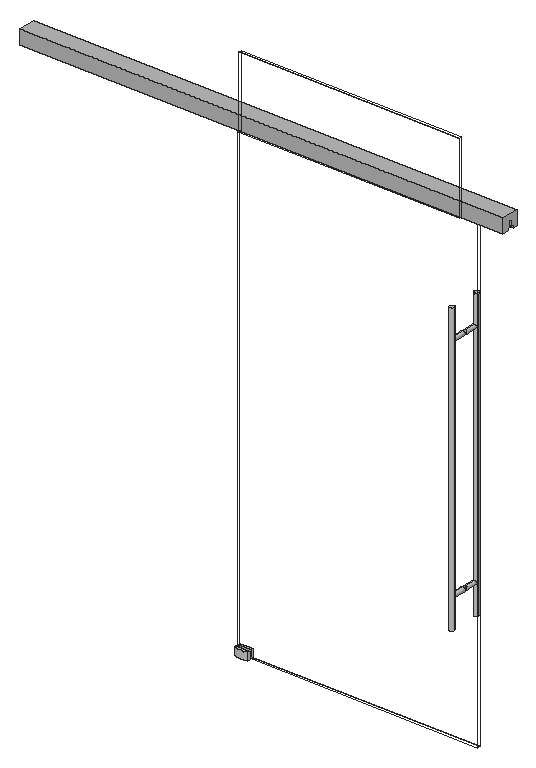
Revit family "Doors_Sliding_Avanti_Systems_Polaris-Auto-Magnetic-Slider_Single-Glass-Mount-Sgl-Glazed", category Doors, Revit 2015 (continued)
Definition of nested family "Rail-Detail"
  Lines and regions (in)
    model lines, in view "Ref. Level"
      curve 16: arc (0.81158, -0.98889, 0) -> (0.81516, -0.9847, 0) -> (0.81644, -0.97934, 0) r 0.01182
      curve 17: arc (0.80088, -0.9941, 0) -> (0.80493, -0.99338, 0) -> (0.80848, -0.99132, 0) r 0.0118
      curve 18: arc (0.74558, -0.98229, 0) -> (0.74903, -0.99064, 0) -> (0.75739, -0.9941, 0) r 0.01181
      curve 19: arc (0.75739, -0.88583, 0) -> (0.74903, -0.88929, 0) -> (0.74558, -0.89764, 0) r 0.01181
      curve 20: arc (1.00148, -0.89764, 0) -> (0.99802, -0.88929, 0) -> (0.98967, -0.88583, 0) r 0.01181
      curve 21: arc (1.00148, -1.09055, 0) -> (1.00494, -1.0989, 0) -> (1.01329, -1.10236, 0) r 0.01181
      curve 22: arc (1.26526, -1.10236, 0) -> (1.27361, -1.0989, 0) -> (1.27707, -1.09055, 0) r 0.01181
      curve 23: arc (1.27707, 0.68898, 0) -> (1.26554, 0.71682, 0) -> (1.2377, 0.72835, 0) r 0.03937
      curve 24: arc (1.21802, 0.74016, 0) -> (1.22148, 0.73181, 0) -> (1.22983, 0.72835, 0) r 0.01181
      curve 25: arc (1.21802, 1.01968, 0) -> (1.21571, 1.02525, 0) -> (1.21014, 1.02756, 0) r 0.00788
      curve 26: arc (0.844, 1.09843, 0) -> (0.80857, 1.06299, 0) -> (0.844, 1.02756, 0) r 0.03543
      curve 27: arc (1.07629, 1.09843, 0) -> (1.08185, 1.10073, 0) -> (1.08416, 1.1063, 0) r 0.00787
      curve 28: arc (1.09204, 1.16142, 0) -> (1.08647, 1.15911, 0) -> (1.08416, 1.15354, 0) r 0.00788
      curve 29: arc (-1.25049, 0.88583, 0) -> (-1.25884, 0.88237, 0) -> (-1.2623, 0.87402, 0) r 0.01181
      curve 30: arc (-1.2623, -0.87402, 0) -> (-1.25884, -0.88237, 0) -> (-1.25049, -0.88583, 0) r 0.01181
      curve 31: arc (-0.46309, -0.9941, 0) -> (-0.45474, -0.99064, 0) -> (-0.45128, -0.98229, 0) r 0.01181
      curve 32: arc (-0.51419, -0.99132, 0) -> (-0.51689, -0.98918, 0) -> (-0.51971, -0.98722, 0) r 0.05492
      curve 33: arc (0.82235, 0.88583, 0) -> (0.814, 0.88237, 0) -> (0.81054, 0.87402, 0) r 0.01181
      curve 34: arc (-0.1875, 1.02362, 0) -> (-0.19585, 1.02017, 0) -> (-0.19931, 1.01181, 0) r 0.01181
      curve 35: arc (-0.21112, 0.95669, 0) -> (-0.20277, 0.96015, 0) -> (-0.19931, 0.9685, 0) r 0.01181
      curve 36: arc (-0.49065, 0.95669, 0) -> (-0.499, 0.95323, 0) -> (-0.50246, 0.94488, 0) r 0.01181
      curve 37: arc (-0.50246, 0.85827, 0) -> (-0.499, 0.84992, 0) -> (-0.49065, 0.84646, 0) r 0.01181
      curve 38: arc (-0.39616, 0.83465, 0) -> (-0.39962, 0.843, 0) -> (-0.40797, 0.84646, 0) r 0.01181
      curve 39: arc (-0.40797, 0.72835, 0) -> (-0.39962, 0.73181, 0) -> (-0.39616, 0.74016, 0) r 0.01181
      curve 40: arc (-0.50593, 0.73181, 0) -> (-0.50209, 0.72925, 0) -> (-0.49756, 0.72835, 0) r 0.01184
      curve 41: arc (-0.60088, 0.83166, 0) -> (-0.59998, 0.82715, 0) -> (-0.59743, 0.82332, 0) r 0.0118
      curve 42: arc (-0.60088, 0.87402, 0) -> (-0.60434, 0.88237, 0) -> (-0.61269, 0.88583, 0) r 0.01181
      curve 43: arc (1.13337, 0.87402, 0) -> (1.12991, 0.88237, 0) -> (1.12156, 0.88583, 0) r 0.01181
      curve 44: arc (0.81054, 0.8189, 0) -> (0.814, 0.81054, 0) -> (0.82235, 0.80709, 0) r 0.01181
      curve 45: arc (0.86369, 0.79528, 0) -> (0.86023, 0.80363, 0) -> (0.85188, 0.80709, 0) r 0.01181
      curve 46: arc (0.85188, 0.72835, 0) -> (0.86023, 0.73181, 0) -> (0.86369, 0.74016, 0) r 0.01181
      curve 47: arc (0.59991, 0.84646, 0) -> (0.59155, 0.843, 0) -> (0.58809, 0.83465, 0) r 0.01181
      curve 48: arc (0.68258, 0.84646, 0) -> (0.69094, 0.84992, 0) -> (0.69439, 0.85827, 0) r 0.01181
      curve 49: arc (-0.45128, -0.89764, 0) -> (-0.45474, -0.88929, 0) -> (-0.46309, -0.88583, 0) r 0.01181
      curve 50: arc (-0.51419, -0.99132, 0) -> (-0.51063, -0.99338, 0) -> (-0.50658, -0.9941, 0) r 0.0118
      curve 51: arc (-0.57969, -0.98722, 0) -> (-0.60482, -1.03347, 0) -> (-0.57969, -1.07971, 0) r 0.05512
      curve 52: arc (-0.51971, -1.07971, 0) -> (-0.51688, -1.07775, 0) -> (-0.51418, -1.07562, 0) r 0.05538
      curve 53: arc (-0.50657, -1.07284, 0) -> (-0.51062, -1.07355, 0) -> (-0.51418, -1.07562, 0) r 0.01182
      curve 54: arc (-0.45128, -1.08465, 0) -> (-0.45474, -1.0763, 0) -> (-0.46309, -1.07284, 0) r 0.01181
      curve 55: arc (-0.46309, -1.18111, 0) -> (-0.45474, -1.17765, 0) -> (-0.45128, -1.16929, 0) r 0.01181
      curve 56: arc (-1.41978, -1.10236, 0) -> (-1.39672, -1.15804, 0) -> (-1.34104, -1.18111, 0) r 0.07874
      curve 57: arc (-1.34104, 1.1811, 0) -> (-1.39672, 1.15804, 0) -> (-1.41978, 1.10236, 0) r 0.07874
      curve 58: arc (0.5881, 0.74016, 0) -> (0.59155, 0.73181, 0) -> (0.59991, 0.72835, 0) r 0.01181
      curve 59: arc (0.78638, 1.17372, 0) -> (0.78203, 1.17909, 0) -> (0.77543, 1.1811, 0) r 0.01181
      curve 60: arc (0.78638, 1.17372, 0) -> (0.80463, 1.16142, 0) -> (0.82288, 1.17372, 0) r 0.01969
      curve 61: arc (0.83383, 1.1811, 0) -> (0.82723, 1.17909, 0) -> (0.82288, 1.17372, 0) r 0.01181
      curve 62: arc (0.69439, 0.94488, 0) -> (0.69094, 0.95323, 0) -> (0.68258, 0.95669, 0) r 0.01181
      curve 63: arc (0.39124, 0.9685, 0) -> (0.3947, 0.96015, 0) -> (0.40305, 0.95669, 0) r 0.01181
      curve 64: arc (0.39124, 1.01181, 0) -> (0.38779, 1.02017, 0) -> (0.37943, 1.02362, 0) r 0.01181
      curve 65: arc (1.20893, 0.9635, 0) -> (1.21547, 0.96767, 0) -> (1.21802, 0.975, 0) r 0.01181
      curve 66: arc (1.20893, 0.9635, 0) -> (1.17865, 0.9252, 0) -> (1.20893, 0.88689, 0) r 0.03937
      curve 67: arc (1.21802, 0.8754, 0) -> (1.21547, 0.88272, 0) -> (1.20893, 0.88689, 0) r 0.01181
      curve 68: arc (1.20621, 0.72835, 0) -> (1.21456, 0.73181, 0) -> (1.21802, 0.74016, 0) r 0.01181
      curve 69: arc (1.08022, 0.74016, 0) -> (1.08368, 0.73181, 0) -> (1.09203, 0.72835, 0) r 0.01181
      curve 70: arc (1.09203, 0.80709, 0) -> (1.08368, 0.80363, 0) -> (1.08022, 0.79528, 0) r 0.01181
      curve 71: arc (1.12156, 0.80709, 0) -> (1.12991, 0.81054, 0) -> (1.13337, 0.8189, 0) r 0.01181
      curve 72: arc (-1.09695, -1.04331, 0) -> (-1.09464, -1.04888, 0) -> (-1.08907, -1.05118, 0) r 0.00787
      curve 73: arc (-0.6875, -1.05118, 0) -> (-0.68193, -1.04888, 0) -> (-0.67962, -1.04331, 0) r 0.00787
      curve 74: arc (-0.67175, -0.88583, 0) -> (-0.67732, -0.88813, 0) -> (-0.67962, -0.8937, 0) r 0.00787
      curve 75: arc (-1.09695, -0.8937, 0) -> (-1.09925, -0.88814, 0) -> (-1.10482, -0.88583, 0) r 0.00787
      curve 76: arc (-1.08907, 1.05118, 0) -> (-1.09463, 1.04888, 0) -> (-1.09695, 1.04332, 0) r 0.00788
      curve 77: arc (-1.10482, 0.88583, 0) -> (-1.09925, 0.88814, 0) -> (-1.09695, 0.8937, 0) r 0.00787
      curve 78: arc (-0.67962, 1.0433, 0) -> (-0.68193, 1.04888, 0) -> (-0.6875, 1.05118, 0) r 0.00788
      curve 79: arc (-0.67962, 0.8937, 0) -> (-0.67732, 0.88813, 0) -> (-0.67175, 0.88583, 0) r 0.00787
      curve 80: arc (-0.53002, -1.12992, 0) -> (-0.52445, -1.12762, 0) -> (-0.52214, -1.12205, 0) r 0.00787
      curve 81: arc (-0.57726, -1.12205, 0) -> (-0.57495, -1.12762, 0) -> (-0.56939, -1.12992, 0) r 0.00787
      curve 82: arc (-0.56939, -0.93701, 0) -> (-0.57495, -0.93932, 0) -> (-0.57726, -0.94488, 0) r 0.00787
      curve 83: arc (-0.52214, -0.94488, 0) -> (-0.52445, -0.93932, 0) -> (-0.53002, -0.93701, 0) r 0.00787
      curve 84: arc (1.08022, 1.16929, 0) -> (1.07676, 1.17764, 0) -> (1.06841, 1.1811, 0) r 0.01181
      curve 85: arc (1.04085, 1.10236, 0) -> (1.06869, 1.1139, 0) -> (1.08022, 1.14173, 0) r 0.03937
      curve 86: arc (0.99314, 1.10691, 0) -> (0.99728, 1.10356, 0) -> (1.00246, 1.10236, 0) r 0.01181
      curve 87: arc (0.99314, 1.10691, 0) -> (0.96211, 1.12205, 0) -> (0.93108, 1.10691, 0) r 0.03937
      curve 88: arc (0.92177, 1.10236, 0) -> (0.92695, 1.10356, 0) -> (0.93108, 1.10691, 0) r 0.01181
      curve 89: arc (0.844, 1.10236, 0) -> (0.80463, 1.06299, 0) -> (0.844, 1.02362, 0) r 0.03937
      curve 90: arc (0.93108, 1.01908, 0) -> (0.92695, 1.02243, 0) -> (0.92177, 1.02362, 0) r 0.01181
      curve 91: arc (0.93108, 1.01908, 0) -> (0.96211, 1.00394, 0) -> (0.99314, 1.01908, 0) r 0.03937
      curve 92: arc (1.00246, 1.02362, 0) -> (0.99727, 1.02243, 0) -> (0.99314, 1.01908, 0) r 0.01181
      curve 93: arc (1.21802, 1.01181, 0) -> (1.21456, 1.02017, 0) -> (1.20621, 1.02362, 0) r 0.01181
      curve 94: line (-1.03396, 1, 0) -> (-0.74262, 1, 0)
      curve 95: line (-1.04773, 0.84252, 0) -> (-1.04773, 0.89626, 0)
      curve 96: line (-0.72884, 0.89626, 0) -> (-0.72884, 0.84252, 0)
      curve 97: line (-1.03396, -1, 0) -> (-0.74262, -1, 0)
      curve 98: line (-0.72884, -0.89626, 0) -> (-0.72884, -0.84252, 0)
      curve 99: line (-1.04577, -0.84252, 0) -> (-1.04577, -0.89626, 0)
      curve 100: line (1.33613, -1.10236, 0) -> (1.33613, 1.08268, 0)
      curve 101: line (0.75739, -1.18111, 0) -> (1.25739, -1.18111, 0)
      curve 102: line (0.75739, -1.07284, 0) -> (0.80087, -1.07284, 0)
      curve 103: line (0.81644, -1.08759, 0) -> (0.81644, -1.12205, 0)
      curve 104: line (0.82432, -1.12992, 0) -> (0.86369, -1.12992, 0)
      curve 105: line (0.87156, -1.12205, 0) -> (0.87156, -1.08759, 0)
      curve 106: line (0.87156, -0.97934, 0) -> (0.87156, -0.94488, 0)
      curve 107: line (0.86369, -0.93701, 0) -> (0.82432, -0.93701, 0)
      curve 108: line (0.81644, -0.94488, 0) -> (0.81644, -0.97934, 0)
      curve 109: line (0.80088, -0.9941, 0) -> (0.75739, -0.9941, 0)
      curve 110: line (0.75739, -0.88583, 0) -> (0.98967, -0.88583, 0)
      curve 111: line (1.26526, -1.10236, 0) -> (1.01329, -1.10236, 0)
      curve 112: line (1.27707, 0.68898, 0) -> (1.27707, -1.09055, 0)
      curve 113: line (1.22983, 0.72835, 0) -> (1.2377, 0.72835, 0)
      curve 114: line (1.21802, 1.01968, 0) -> (1.21802, 0.74016, 0)
      curve 115: line (1.21802, 0.74016, 0) -> (1.21802, 0.8754, 0)
      curve 116: line (1.00246, 1.02362, 0) -> (1.20621, 1.02362, 0)
      curve 117: line (1.21014, 1.02756, 0) -> (0.844, 1.02756, 0)
      curve 118: line (0.844, 1.02362, 0) -> (0.92177, 1.02362, 0)
      curve 119: line (0.92177, 1.10236, 0) -> (0.844, 1.10236, 0)
      curve 120: line (0.844, 1.09843, 0) -> (1.07629, 1.09843, 0)
      curve 121: line (1.08416, 1.1063, 0) -> (1.08416, 1.15354, 0)
      curve 122: line (1.25739, 1.16142, 0) -> (1.09204, 1.16142, 0)
      curve 123: line (0.74558, -0.89764, 0) -> (0.74558, -0.98229, 0)
      curve 124: line (1.00148, -1.09055, 0) -> (1.00148, -0.89764, 0)
      curve 125: line (0.74558, -1.08465, 0) -> (0.74558, -1.16929, 0)
      curve 126: line (-1.25049, 0.88583, 0) -> (-1.10482, 0.88583, 0)
      curve 127: line (-1.2623, -0.87402, 0) -> (-1.2623, 0.87402, 0)
      curve 128: line (-0.50658, -0.9941, 0) -> (-0.46309, -0.9941, 0)
      curve 129: line (0.82235, 0.88583, 0) -> (1.12156, 0.88583, 0)
      curve 130: line (-0.19931, 0.9685, 0) -> (-0.19931, 1.01181, 0)
      curve 131: line (-0.49065, 0.95669, 0) -> (-0.21112, 0.95669, 0)
      curve 132: line (-0.50246, 0.85827, 0) -> (-0.50246, 0.94488, 0)
      curve 133: line (-0.40797, 0.84646, 0) -> (-0.49065, 0.84646, 0)
      curve 134: line (-0.39616, 0.74016, 0) -> (-0.39616, 0.83465, 0)
      curve 135: line (-0.49756, 0.72835, 0) -> (-0.40797, 0.72835, 0)
      curve 136: line (-0.59743, 0.82332, 0) -> (-0.50593, 0.73181, 0)
      curve 137: line (-0.60088, 0.87402, 0) -> (-0.60088, 0.83166, 0)
      curve 138: line (-0.67175, 0.88583, 0) -> (-0.61269, 0.88583, 0)
      curve 139: line (1.13337, 0.87402, 0) -> (1.13337, 0.8189, 0)
      curve 140: line (0.81054, 0.8189, 0) -> (0.81054, 0.87402, 0)
      curve 141: line (0.85188, 0.80709, 0) -> (0.82235, 0.80709, 0)
      curve 142: line (0.86369, 0.74016, 0) -> (0.86369, 0.79528, 0)
      curve 143: line (0.59991, 0.72835, 0) -> (0.85188, 0.72835, 0)
      curve 144: line (0.58809, 0.83465, 0) -> (0.58809, 0.74016, 0)
      curve 145: line (0.68258, 0.84646, 0) -> (0.59991, 0.84646, 0)
      curve 146: line (-1.10482, -0.88583, 0) -> (-1.25049, -0.88583, 0)
      curve 147: line (-0.46309, -0.88583, 0) -> (-0.67175, -0.88583, 0)
      curve 148: line (-0.45128, -0.98229, 0) -> (-0.45128, -0.89764, 0)
      curve 149: line (-0.1875, 1.02362, 0) -> (0.07628, 1.02362, 0)
      curve 150: line (0.07628, 1.02362, 0) -> (0.09597, 1.04331, 0)
      curve 151: line (0.09597, 1.04331, 0) -> (0.11565, 1.02362, 0)
      curve 152: line (0.11565, 1.02362, 0) -> (0.37943, 1.02362, 0)
      curve 153: line (-0.46309, -1.07284, 0) -> (-0.50657, -1.07284, 0)
      curve 154: line (-0.45128, -1.16929, 0) -> (-0.45128, -1.08465, 0)
      curve 155: line (-1.34104, -1.18111, 0) -> (-0.46309, -1.18111, 0)
      curve 156: line (-1.41978, 1.10236, 0) -> (-1.41978, -1.10236, 0)
      curve 157: line (1.06841, 1.1811, 0) -> (0.83383, 1.1811, 0)
      curve 158: line (0.69439, 0.94488, 0) -> (0.69439, 0.85827, 0)
      curve 159: line (0.39124, 1.01181, 0) -> (0.39124, 0.9685, 0)
      curve 160: line (1.09203, 0.72835, 0) -> (1.20621, 0.72835, 0)
      curve 161: line (1.08022, 0.79528, 0) -> (1.08022, 0.74016, 0)
      curve 162: line (1.12156, 0.80709, 0) -> (1.09203, 0.80709, 0)
      curve 163: line (0.40305, 0.95669, 0) -> (0.68258, 0.95669, 0)
      curve 164: line (-1.09695, 1.04332, 0) -> (-1.09695, 0.8937, 0)
      curve 165: line (-0.6875, 1.05118, 0) -> (-1.08907, 1.05118, 0)
      curve 166: line (-0.67962, 0.8937, 0) -> (-0.67962, 1.0433, 0)
      curve 167: line (-0.67962, -1.04331, 0) -> (-0.67962, -0.8937, 0)
      curve 168: line (-1.08907, -1.05118, 0) -> (-0.6875, -1.05118, 0)
      curve 169: line (-1.09695, -0.8937, 0) -> (-1.09695, -1.04331, 0)
      curve 170: line (-0.57726, -1.08181, 0) -> (-0.57726, -1.12205, 0)
      curve 171: line (-0.52214, -1.12205, 0) -> (-0.52214, -1.08181, 0)
      curve 172: line (-0.52214, -0.98513, 0) -> (-0.52214, -0.94488, 0)
      curve 173: line (-0.57726, -0.94488, 0) -> (-0.57726, -0.98513, 0)
      curve 174: line (-0.53002, -1.12992, 0) -> (-0.56939, -1.12992, 0)
      curve 175: line (-0.56939, -0.93701, 0) -> (-0.53002, -0.93701, 0)
      curve 176: line (0.77543, 1.1811, 0) -> (-1.34104, 1.1811, 0)
      curve 177: line (1.08022, 1.14173, 0) -> (1.08022, 1.16929, 0)
      curve 178: line (1.00246, 1.10236, 0) -> (1.04085, 1.10236, 0)
      curve 179: line (1.21802, 0.975, 0) -> (1.21802, 1.01181, 0)
      curve 180: arc (-0.72476, 0.90317, 0) -> (-0.72774, 0.90027, 0) -> (-0.72884, 0.89626, 0) r 0.00789
      curve 181: arc (-0.72476, 0.90317, 0) -> (-0.71407, 0.92126, 0) -> (-0.72476, 0.93936, 0) r 0.02067
      curve 182: arc (-0.72884, 0.94626, 0) -> (-0.72774, 0.94225, 0) -> (-0.72476, 0.93936, 0) r 0.00787
      curve 183: arc (-1.05181, 0.93936, 0) -> (-1.04883, 0.94225, 0) -> (-1.04773, 0.94626, 0) r 0.00787
      curve 184: arc (-1.05181, 0.93936, 0) -> (-1.0625, 0.92126, 0) -> (-1.05181, 0.90317, 0) r 0.02067
      curve 185: arc (-1.04773, 0.89626, 0) -> (-1.04883, 0.90027, 0) -> (-1.05181, 0.90317, 0) r 0.00789
      curve 186: arc (-1.07529, 1.04331, 0) -> (-1.08365, 1.03984, 0) -> (-1.0871, 1.03148, 0) r 0.01181
      curve 187: arc (-0.68947, 1.0315, 0) -> (-0.69293, 1.03985, 0) -> (-0.70128, 1.04331, 0) r 0.01181
      curve 188: arc (-1.03592, 1, 0) -> (-1.04427, 0.99654, 0) -> (-1.04773, 0.98818, 0) r 0.01182
      curve 189: arc (-1.05954, 0.84646, 0) -> (-1.05119, 0.84992, 0) -> (-1.04773, 0.85827, 0) r 0.01181
      curve 190: arc (-0.72884, 0.98818, 0) -> (-0.7323, 0.99654, 0) -> (-0.74065, 1, 0) r 0.01182
      curve 191: arc (-0.72884, 0.85827, 0) -> (-0.72538, 0.84992, 0) -> (-0.71703, 0.84646, 0) r 0.01181
      curve 192: arc (-0.6245, 0.84646, 0) -> (-0.61615, 0.84992, 0) -> (-0.61269, 0.85827, 0) r 0.01181
      curve 193: arc (-0.61269, 0.87402, 0) -> (-0.61615, 0.88237, 0) -> (-0.6245, 0.88583, 0) r 0.01181
      curve 194: arc (-0.68947, 0.89764, 0) -> (-0.68601, 0.88929, 0) -> (-0.67766, 0.88583, 0) r 0.01181
      curve 195: arc (-1.09891, 0.88583, 0) -> (-1.09056, 0.88929, 0) -> (-1.0871, 0.89764, 0) r 0.01181
      curve 196: arc (-1.16388, 0.85827, 0) -> (-1.16042, 0.84992, 0) -> (-1.15207, 0.84646, 0) r 0.01181
      curve 197: arc (-1.15207, 0.88583, 0) -> (-1.16042, 0.88237, 0) -> (-1.16388, 0.87402, 0) r 0.01181
      curve 198: arc (-1.04773, -0.94626, 0) -> (-1.04883, -0.94226, 0) -> (-1.05181, -0.93936, 0) r 0.00787
      curve 199: arc (-0.72476, -0.93936, 0) -> (-0.72774, -0.94226, 0) -> (-0.72884, -0.94626, 0) r 0.00787
      curve 200: arc (-0.70128, -1.04331, 0) -> (-0.69293, -1.03985, 0) -> (-0.68947, -1.0315, 0) r 0.01181
      curve 201: arc (-1.04773, -0.98819, 0) -> (-1.04428, -0.99654, 0) -> (-1.03592, -1, 0) r 0.01181
      curve 202: arc (-1.04577, -0.85827, 0) -> (-1.04923, -0.84992, 0) -> (-1.05758, -0.84646, 0) r 0.01181
      curve 203: arc (-0.74065, -1, 0) -> (-0.7323, -0.99654, 0) -> (-0.72884, -0.98819, 0) r 0.01181
      curve 204: arc (-0.71702, -0.84646, 0) -> (-0.72538, -0.84992, 0) -> (-0.72884, -0.85827, 0) r 0.01181
      curve 205: arc (-0.61269, -0.85827, 0) -> (-0.61615, -0.84992, 0) -> (-0.62451, -0.84646, 0) r 0.01181
      curve 206: arc (-0.62451, -0.88583, 0) -> (-0.61615, -0.88237, 0) -> (-0.61269, -0.87402, 0) r 0.01181
      curve 207: arc (-0.67766, -0.88583, 0) -> (-0.68601, -0.88929, 0) -> (-0.68947, -0.89764, 0) r 0.01181
      curve 208: arc (-1.0871, -0.89764, 0) -> (-1.09056, -0.88929, 0) -> (-1.09891, -0.88583, 0) r 0.01181
      curve 209: arc (-1.15206, -0.84646, 0) -> (-1.16042, -0.84992, 0) -> (-1.16388, -0.85827, 0) r 0.01181
      curve 210: arc (-1.16388, -0.87402, 0) -> (-1.16042, -0.88237, 0) -> (-1.15206, -0.88583, 0) r 0.01181
      curve 211: arc (-1.0871, -1.0315, 0) -> (-1.08365, -1.03985, 0) -> (-1.07529, -1.04331, 0) r 0.01181
      curve 212: arc (-1.05181, -0.90316, 0) -> (-1.04883, -0.90027, 0) -> (-1.04773, -0.89626, 0) r 0.00787
      curve 213: arc (-0.72884, -0.89626, 0) -> (-0.72774, -0.90027, 0) -> (-0.72476, -0.90316, 0) r 0.00787
      curve 214: arc (-1.05181, -0.90316, 0) -> (-1.0625, -0.92126, 0) -> (-1.05181, -0.93936, 0) r 0.02067
      curve 215: arc (-0.72476, -0.93936, 0) -> (-0.71407, -0.92126, 0) -> (-0.72476, -0.90316, 0) r 0.02067
      curve 216: line (-0.67766, 0.88583, 0) -> (-0.6245, 0.88583, 0)
      curve 217: line (-0.61269, 0.87402, 0) -> (-0.61269, 0.85827, 0)
      curve 218: line (-0.6245, 0.84646, 0) -> (-0.71703, 0.84646, 0)
      curve 219: line (-0.72884, 0.85827, 0) -> (-0.72884, 0.89626, 0)
      curve 220: line (-0.72884, 0.94626, 0) -> (-0.72884, 0.98818, 0)
      curve 221: line (-0.74065, 1, 0) -> (-1.03592, 1, 0)
      curve 222: line (-1.04773, 0.98818, 0) -> (-1.04773, 0.94626, 0)
      curve 223: line (-1.04773, 0.89626, 0) -> (-1.04773, 0.85827, 0)
      curve 224: line (-1.05954, 0.84646, 0) -> (-1.15207, 0.84646, 0)
      curve 225: line (-1.16388, 0.85827, 0) -> (-1.16388, 0.87402, 0)
      curve 226: line (-1.15207, 0.88583, 0) -> (-1.09891, 0.88583, 0)
      curve 227: line (-1.07529, 1.04331, 0) -> (-0.70128, 1.04331, 0)
      curve 228: line (-0.68947, 1.0315, 0) -> (-0.68947, 0.89764, 0)
      curve 229: line (-1.0871, 0.89764, 0) -> (-1.0871, 1.03148, 0)
      curve 230: line (-0.70128, -1.04331, 0) -> (-1.07529, -1.04331, 0)
      curve 231: line (-0.62451, -0.84646, 0) -> (-0.71702, -0.84646, 0)
      curve 232: line (-0.61269, -0.87402, 0) -> (-0.61269, -0.85827, 0)
      curve 233: line (-0.67766, -0.88583, 0) -> (-0.62451, -0.88583, 0)
      curve 234: line (-1.15206, -0.88583, 0) -> (-1.09891, -0.88583, 0)
      curve 235: line (-1.16388, -0.85827, 0) -> (-1.16388, -0.87402, 0)
      curve 236: line (-1.05758, -0.84646, 0) -> (-1.15206, -0.84646, 0)
      curve 237: line (-1.04577, -0.89626, 0) -> (-1.04577, -0.85827, 0)
      curve 238: line (-0.74065, -1, 0) -> (-1.03592, -1, 0)
      curve 239: line (-0.72884, -0.94626, 0) -> (-0.72884, -0.98819, 0)
      curve 240: line (-0.72884, -0.85827, 0) -> (-0.72884, -0.89626, 0)
      curve 241: line (-1.04773, -0.98819, 0) -> (-1.04773, -0.94626, 0)
      curve 242: line (-0.68947, -1.0315, 0) -> (-0.68947, -0.89764, 0)
      curve 243: line (-1.0871, -0.89764, 0) -> (-1.0871, -1.0315, 0)
      curve 244: arc (0.91005, 0.71109, 0) -> (0.77573, 0.72832, 0) -> (0.6418, 0.70829, 0) r 0.49218
      curve 245: arc (-0.99964, 0.71542, 0) -> (-0.88829, 0.66929, 0) -> (-0.77693, 0.71542, 0) r 0.15748
      curve 246: arc (-0.99964, 0.54219, 0) -> (-0.88829, 0.49606, 0) -> (-0.77693, 0.54219, 0) r 0.15748
      curve 247: arc (-0.46, 0.66929, 0) -> (-0.4688, 0.66385, 0) -> (-0.46787, 0.65354, 0) r 0.00984
      curve 248: arc (0.71591, -0.49409, 0) -> (0.70199, -0.49986, 0) -> (0.69623, -0.51378, 0) r 0.01969
      curve 249: arc (0.87339, -0.49409, 0) -> (0.88731, -0.48833, 0) -> (0.89308, -0.47441, 0) r 0.01969
      curve 250: arc (0.89308, -0.3563, 0) -> (0.88926, -0.34465, 0) -> (0.8793, -0.33752, 0) r 0.01969
      curve 251: arc (1.15621, 0.54584, 0) -> (1.13067, 0.56291, 0) -> (1.10054, 0.5689, 0) r 0.07873
      curve 252: arc (1.15621, 0.49016, 0) -> (1.16495, 0.518, 0) -> (1.15621, 0.54584, 0) r 0.04871
      curve 253: arc (1.15621, -0.70725, 0) -> (1.16495, -0.67941, 0) -> (1.15621, -0.65157, 0) r 0.04871
      curve 254: arc (1.10054, -0.73031, 0) -> (1.13067, -0.72432, 0) -> (1.15621, -0.70725, 0) r 0.07873
      curve 255: arc (1.2282, 0.41818, 0) -> (1.23694, 0.44601, 0) -> (1.2282, 0.47385, 0) r 0.04871
      curve 256: arc (1.2282, -0.63526, 0) -> (1.23694, -0.60743, 0) -> (1.2282, -0.57959, 0) r 0.04871
      curve 257: arc (1.2282, -0.63526, 0) -> (1.24527, -0.60972, 0) -> (1.25126, -0.57959, 0) r 0.07874
      curve 258: arc (1.25126, 0.41818, 0) -> (1.24527, 0.44831, 0) -> (1.2282, 0.47385, 0) r 0.07874
      curve 259: arc (0.8793, 0.35433, 0) -> (0.86777, 0.38217, 0) -> (0.83993, 0.3937, 0) r 0.03937
      curve 260: arc (0.83993, -0.47244, 0) -> (0.86777, -0.46091, 0) -> (0.8793, -0.43307, 0) r 0.03937
      curve 261: arc (0.61532, 0.61024, 0) -> (0.60704, 0.63859, 0) -> (0.58137, 0.6532, 0) r 0.03937
      curve 262: arc (0.58137, -0.50753, 0) -> (0.60577, -0.49443, 0) -> (0.61552, -0.46851, 0) r 0.03937
      curve 263: line (0.6667, -0.52858, 0) -> (0.69623, -0.52858, 0)
      curve 264: line (0.69623, -0.52858, 0) -> (0.6667, -0.52858, 0)
      curve 265: line (0.6667, -0.52858, 0) -> (0.69623, -0.52858, 0)
      curve 266: line (0.69623, -0.52858, 0) -> (0.6667, -0.52858, 0)
      curve 267: line (0.6667, -0.52858, 0) -> (0.69623, -0.52858, 0)
      curve 268: line (0.69623, -0.52858, 0) -> (0.6667, -0.52858, 0)
      curve 269: line (0.6667, -0.52858, 0) -> (0.69623, -0.52858, 0)
      curve 270: line (0.69623, -0.52858, 0) -> (0.6667, -0.52858, 0)
      curve 271: line (0.6667, -0.52858, 0) -> (0.6667, -0.55417, 0)
      curve 272: line (0.6667, -0.55417, 0) -> (0.69623, -0.55417, 0)
      curve 273: line (0.8793, -0.24596, 0) -> (0.91005, -0.23865, 0)
      curve 274: line (0.91005, -0.23865, 0) -> (0.93835, -0.21034, 0)
      curve 275: line (0.93835, -0.21034, 0) -> (0.93835, -0.04367, 0)
      curve 276: line (0.93835, -0.04367, 0) -> (0.93835, 0.68278, 0)
      curve 277: line (0.93835, 0.68278, 0) -> (0.91005, 0.71109, 0)
      curve 278: line (0.91005, 0.71109, 0) -> (0.91005, -0.06141, 0)
      curve 279: line (0.91005, -0.06141, 0) -> (0.91005, -0.23865, 0)
      curve 280: line (0.6418, 0.3937, 0) -> (0.6418, 0.70829, 0)
      curve 281: line (0.6418, 0.70829, 0) -> (0.6225, 0.66929, 0)
      curve 282: line (-0.65206, 0.73228, 0) -> (-0.65206, 0.74803, 0)
      curve 283: line (-0.65206, 0.74803, 0) -> (-0.67175, 0.76772, 0)
      curve 284: line (-0.67175, 0.76772, 0) -> (-0.72463, 0.76772, 0)
      curve 285: line (-0.72463, 0.76772, 0) -> (-0.77693, 0.71542, 0)
      curve 286: line (-0.77693, 0.71542, 0) -> (-0.77693, 0.54219, 0)
      curve 287: line (0.93835, 0.13779, 0) -> (0.94623, 0.13779, 0)
      curve 288: line (0.94623, 0.13779, 0) -> (0.95804, 0.14961, 0)
      curve 289: line (0.95804, 0.14961, 0) -> (0.95804, 0.32283, 0)
      curve 290: line (0.95804, 0.32283, 0) -> (0.94623, 0.33465, 0)
      curve 291: line (0.94623, 0.33465, 0) -> (0.93835, 0.33465, 0)
      curve 292: line (-1.12451, 0.54974, 0) -> (-1.12451, -0.76378, 0)
      curve 293: line (-1.12451, -0.76378, 0) -> (-1.10482, -0.78347, 0)
      curve 294: line (-1.10482, -0.78347, 0) -> (-1.05194, -0.78347, 0)
      curve 295: line (-1.05194, -0.78347, 0) -> (-0.99964, -0.73116, 0)
      curve 296: line (-0.99964, -0.73116, 0) -> (-0.99964, 0.54219, 0)
      curve 297: line (-0.99964, 0.54219, 0) -> (-1.05194, 0.59449, 0)
      curve 298: line (-1.05194, 0.59449, 0) -> (-1.10482, 0.59449, 0)
      curve 299: line (-1.10482, 0.59449, 0) -> (-1.12451, 0.57481, 0)
      curve 300: line (-1.12451, 0.57481, 0) -> (-1.12451, 0.54974, 0)
      curve 301: line (-0.77693, -0.73116, 0) -> (-0.72463, -0.78347, 0)
      curve 302: line (-0.72463, -0.78347, 0) -> (-0.67175, -0.78347, 0)
      curve 303: line (-0.67175, -0.78347, 0) -> (-0.65206, -0.76378, 0)
      curve 304: line (-0.65206, -0.76378, 0) -> (-0.65206, 0.57481, 0)
      curve 305: line (-0.65206, 0.57481, 0) -> (-0.67175, 0.59449, 0)
      curve 306: line (-0.67175, 0.59449, 0) -> (-0.72463, 0.59449, 0)
      curve 307: line (-0.72463, 0.59449, 0) -> (-0.77693, 0.54219, 0)
      curve 308: line (-0.77693, 0.54219, 0) -> (-0.77693, -0.73116, 0)
      curve 309: line (-0.65206, 0.57481, 0) -> (-0.65206, 0.73228, 0)
      curve 310: line (-1.12451, 0.73228, 0) -> (-1.12451, 0.74803, 0)
      curve 311: line (-1.12451, 0.74803, 0) -> (-1.10482, 0.76772, 0)
      curve 312: line (-1.10482, 0.76772, 0) -> (-1.05194, 0.76772, 0)
      curve 313: line (-1.05194, 0.76772, 0) -> (-0.99964, 0.71542, 0)
      curve 314: line (-0.99964, 0.71542, 0) -> (-0.99964, 0.54219, 0)
      curve 315: line (-0.63238, 0.14961, 0) -> (-0.65206, 0.14961, 0)
      curve 316: line (-0.65206, -0.33858, 0) -> (-0.63238, -0.33858, 0)
      curve 317: line (-0.63238, 0.30709, 0) -> (-0.65206, 0.30709, 0)
      curve 318: line (0.61532, 0.3937, 0) -> (0.83993, 0.3937, 0)
      curve 319: line (0.83993, 0.3937, 0) -> (0.8793, 0.3937, 0)
      curve 320: line (0.8793, 0.3937, 0) -> (0.8793, 0.35433, 0)
      curve 321: line (0.8793, 0.35433, 0) -> (0.8793, -0.43307, 0)
      curve 322: line (0.8793, -0.43307, 0) -> (0.8793, -0.47244, 0)
      curve 323: line (0.8793, -0.47244, 0) -> (0.83993, -0.47244, 0)
      curve 324: line (0.83993, -0.47244, 0) -> (0.61532, -0.47244, 0)
      curve 325: line (0.61532, -0.47244, 0) -> (0.61532, 0.61024, 0)
      curve 326: line (0.62339, 0.3937, 0) -> (0.62339, 0.67109, 0)
      curve 327: line (0.6225, 0.66929, 0) -> (-0.46, 0.66929, 0)
      curve 328: line (0.93835, 0.5689, 0) -> (1.10054, 0.5689, 0)
      curve 329: line (1.10054, 0.5689, 0) -> (1.10054, 0.49016, 0)
      curve 330: line (1.10054, 0.49016, 0) -> (1.10054, -0.65157, 0)
      curve 331: line (1.10054, -0.65157, 0) -> (0.69623, -0.65157, 0)
      curve 332: line (0.69623, -0.65157, 0) -> (0.69623, -0.51378, 0)
      curve 333: line (0.71591, -0.49409, 0) -> (0.87339, -0.49409, 0)
      curve 334: line (0.89308, -0.47441, 0) -> (0.89308, -0.3563, 0)
      curve 335: line (0.93835, 0.49016, 0) -> (1.10054, 0.49016, 0)
      curve 336: line (1.10054, 0.49016, 0) -> (1.15621, 0.49016, 0)
      curve 337: line (1.15621, 0.49016, 0) -> (1.15621, -0.65157, 0)
      curve 338: line (1.15621, -0.65157, 0) -> (1.10054, -0.65157, 0)
      curve 339: line (1.10054, -0.65157, 0) -> (1.10054, -0.73031, 0)
      curve 340: line (1.10054, -0.73031, 0) -> (0.69623, -0.73031, 0)
      curve 341: line (0.69623, -0.73031, 0) -> (0.69623, -0.65157, 0)
      curve 342: line (1.2282, 0.41818, 0) -> (1.15621, 0.49016, 0)
      curve 343: line (1.15621, 0.54584, 0) -> (1.2282, 0.47385, 0)
      curve 344: line (1.2282, -0.63526, 0) -> (1.15621, -0.70725, 0)
      curve 345: line (1.15621, -0.65157, 0) -> (1.2282, -0.57959, 0)
      curve 346: line (1.2282, -0.57959, 0) -> (1.2282, 0.41818, 0)
      curve 347: line (1.2282, 0.41818, 0) -> (1.25126, 0.41818, 0)
      curve 348: line (1.25126, 0.41818, 0) -> (1.25126, -0.57959, 0)
      curve 349: line (1.25126, -0.57959, 0) -> (1.2282, -0.57959, 0)
      curve 350: line (0.75331, -0.47244, 0) -> (0.75331, -0.49409, 0)
      curve 351: line (0.79268, -0.49409, 0) -> (0.79268, -0.47244, 0)
      curve 352: line (-0.67175, -0.78347, 0) -> (-0.67175, 0.76772, 0)
      curve 353: line (-0.65206, 0.59055, 0) -> (-0.64025, 0.59055, 0)
      curve 354: line (-0.62004, -0.59055, 0) -> (-0.63238, -0.59055, 0)
      curve 355: line (-0.56039, -0.59055, 0) -> (-0.65206, -0.59055, 0)
      curve 356: line (-0.63238, -0.59055, 0) -> (-0.63238, -0.54252, 0)
      curve 357: line (-0.36405, -0.78347, 0) -> (-0.00296, -0.78347, 0)
      curve 358: line (-0.00296, -0.78347, 0) -> (-0.00296, 0.17718, 0)
      curve 359: line (-0.27694, 0.17718, 0) -> (0.21444, 0.17718, 0)
      curve 360: line (0.21444, 0.17718, 0) -> (0.15068, 0.17694, 0)
      curve 361: line (0.62339, 0.43307, 0) -> (0.61532, 0.43307, 0)
      curve 362: line (0.18652, 0.39972, 0) -> (0.19789, 0.37587, 0)
      curve 363: line (0.19789, 0.37587, 0) -> (0.2062, 0.32874, 0)
      curve 364: line (0.2062, 0.32874, 0) -> (0.2062, 0.17718, 0)
      curve 365: line (-0.27694, 0.1811, 0) -> (-0.27694, 0.20079, 0)
      curve 366: line (-0.27694, 0.20079, 0) -> (0.18652, 0.20079, 0)
      curve 367: line (0.18652, 0.20079, 0) -> (0.18652, 0.17718, 0)
      curve 368: line (-1.05194, 0.76772, 0) -> (-1.05194, 0.59449, 0)
      curve 369: line (-1.05194, 0.59449, 0) -> (-1.05194, -0.78347, 0)
      curve 370: line (-1.10482, 0.76772, 0) -> (-1.10482, 0.59449, 0)
      curve 371: line (-1.10482, 0.59449, 0) -> (-1.10482, 0.56869, 0)
      curve 372: line (-1.10482, 0.56869, 0) -> (-1.10482, -0.78347, 0)
      curve 373: line (-0.72463, 0.76772, 0) -> (-0.72463, 0.59449, 0)
      curve 374: line (-0.72463, 0.59449, 0) -> (-0.72463, -0.78347, 0)
      curve 375: line (-1.12451, 0.57481, 0) -> (-1.12451, 0.73228, 0)
      curve 376: line (-0.56039, 0.61417, 0) -> (-0.64025, 0.61417, 0)
      curve 377: line (-0.64025, 0.61417, 0) -> (-0.64025, 0.65354, 0)
      curve 378: line (-0.64025, 0.65354, 0) -> (-0.56039, 0.65354, 0)
      curve 379: line (-0.64025, -0.46851, 0) -> (-0.64025, -0.33858, 0)
      curve 380: line (-0.64025, 0.30709, 0) -> (-0.64025, 0.61417, 0)
      curve 381: line (-0.65206, -0.51181, 0) -> (-0.63238, -0.50787, 0)
      curve 382: line (-0.64025, -0.50945, 0) -> (-0.64025, -0.46851, 0)
      curve 383: line (0.58137, -0.7441, 0) -> (0.58137, 0.61417, 0)
      curve 384: line (0.58137, 0.61417, 0) -> (0.58137, 0.65354, 0)
      curve 385: line (0.58137, 0.65354, 0) -> (0.37163, 0.65354, 0)
      curve 386: line (0.37163, 0.65354, 0) -> (0.18652, 0.65354, 0)
      curve 387: line (0.4846, 0.16142, 0) -> (0.4846, -0.78347, 0)
      curve 388: line (0.4846, -0.78347, 0) -> (0.15068, -0.78347, 0)
      curve 389: line (0.15068, -0.78347, 0) -> (0.15068, 0.17694, 0)
      curve 390: line (0.15068, 0.16142, 0) -> (0.4846, 0.16142, 0)
      curve 391: line (0.58137, 0.61417, 0) -> (0.4846, 0.61417, 0)
      curve 392: line (0.4846, 0.61417, 0) -> (0.4846, 0.65354, 0)
      curve 393: line (0.4846, 0.61417, 0) -> (0.4846, -0.7441, 0)
      curve 394: line (0.4846, -0.7441, 0) -> (0.58137, -0.7441, 0)
      curve 395: line (0.58137, -0.7441, 0) -> (0.58137, -0.78347, 0)
      curve 396: line (0.58137, -0.78347, 0) -> (0.4846, -0.78347, 0)
      curve 397: line (-0.56039, 0.43701, 0) -> (-0.63238, 0.43701, 0)
      curve 398: line (-0.63238, 0.43701, 0) -> (-0.63238, -0.54252, 0)
      curve 399: line (-0.56039, -0.82284, 0) -> (-0.36405, -0.82284, 0)
      curve 400: line (-0.36405, -0.82284, 0) -> (-0.36405, -0.78347, 0)
      curve 401: line (-0.56039, -0.82284, 0) -> (-0.56039, -0.50787, 0)
      curve 402: line (-0.56039, -0.50787, 0) -> (-0.56039, 0.65354, 0)
      curve 403: line (-0.56039, 0.65354, 0) -> (0.18652, 0.65354, 0)
      curve 404: line (0.18652, 0.65354, 0) -> (0.18652, 0.20079, 0)
      curve 405: line (-0.27694, -0.78347, 0) -> (-0.27694, 0.1811, 0)
      curve 406: line (0.60607, 0.63977, 0) -> (0.62339, 0.63977, 0)
      curve 407: line (-0.64025, 0.51181, 0) -> (-0.65206, 0.51181, 0)
  Dimensions and locks (in)
    "Half Thickness": curve 358 to plane 4
    "Half Thickness": plane 4 to curve 389
Definition of nested family "Arrow"
  Reference planes (in)
    plane 1 "Center (Front/Back)": y = 0
    plane 2: z = 0
    plane 3 "Center (Left/Right)": x = 0
  Lines and regions (in)
    detail lines, in view "Ref. Level"
      curve 1: line (-2.57725, 1.35976, 0) -> (-3.93701, 0, 0)
      curve 2: line (-3.93701, 0, 0) -> (3.93701, 0, 0)
      curve 3: line (-2.57725, -1.35976, 0) -> (-3.93701, 0, 0)
